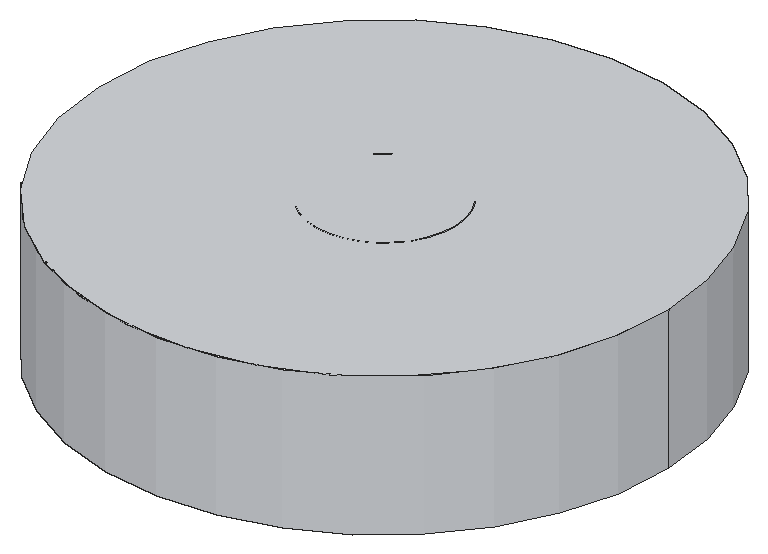
Revit family "電線管用ファミリ(片側のみ)_ver2", category Electrical Fixtures, Revit 2021
Family settings
  Maintain Annotation Orientation = No
  Round Connector Dimension = Use Diameter
  Part Type = Normal
  OmniClass Number = 23.80.00.00
  OmniClass Title = Electric Power and Lighting
  Work Plane-Based = No
  Always vertical = Yes
  Cut with Voids When Loaded = No
  Shared = No
  Room Calculation Point = No
Parameters
  コネクタ直径 [instance] = 16 mm
  W [instance] = 200 mm
  Diameter [instance] = 50 mm
  Default Elevation = 0 mm
  D [instance] = 200 mm
Reference planes
  plane 1 "Center (Front/Back)": y = 0
  plane 2: z = 0
  plane 3 "Center (Left/Right)": x = 0
  plane 4: x = -100
  plane 5: x = 100
  plane 6: y = 100
  plane 7: y = -100
  plane 8: z = 33.685
  plane 9: z = 50
  plane 10: y = 25
  plane 11: y = -25
  plane 12: x = -25
  plane 13: x = 25
Forms (mm)
  Extrusion 1, solid
    sketch origin (0, 0, 0) x (1, 0, 0) y (0, 1, 0)
      loop
        circle (0, 0) r 100
    from 0 to 50
  Extrusion 2, solid
    sketch origin (0, 0, 0) x (1, 0, 0) y (0, 1, 0)
      loop
        circle (0, 0) r 25
    from 0 to 50
Dimensions and locks
  equal spacing: plane 4, plane 3 "Center (Left/Right)", plane 5
  "W": plane 4 to plane 5
  equal spacing: plane 6, plane 1 "Center (Front/Back)", plane 7
  "D": plane 6 to plane 7
  equal spacing: plane 10, plane 1 "Center (Front/Back)", plane 11
  "Diameter": plane 10 to plane 11
  equal spacing: plane 12, plane 3 "Center (Left/Right)", plane 13
  "Diameter": plane 12 to plane 13
  aligned and locked: level to plane 2
  aligned and locked: plane 9 to Extrusion 1
  aligned and locked: Extrusion 1 to Extrusion 2
Automatic sketch dimensions
  plane 1 "Center (Front/Back)" to Extrusion 1 sketch curve = 0 mm
  Extrusion 1 sketch curve to plane 3 "Center (Left/Right)" = 0 mm
  plane 1 "Center (Front/Back)" to Extrusion 2 sketch curve = 0 mm
  Extrusion 2 sketch curve to plane 3 "Center (Left/Right)" = 0 mm
  radius of Extrusion 1 sketch curve = 100 mm
  radius of Extrusion 2 sketch curve = 25 mm
Connectors
  cabletrayconduit at (0, 0, 50), diameter 16
    settings: on Extrusion 2, index 1, connector width 300 mm, connector height 300 mm, connector angle 0.00°, system type 32, placement type 0, profile type 0, connector reference index -1, is primary connector yes, connector utility param no, connector description ""
